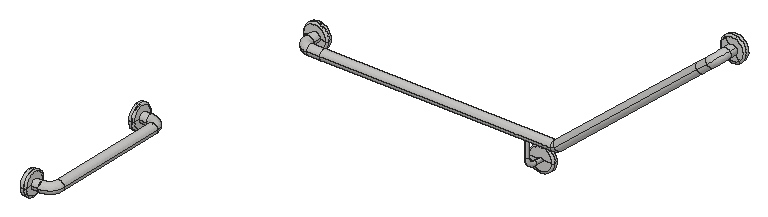
Revit family "rba-bim-rba4040-345", category Plumbing Fixtures, Revit 2016
Family settings
  Part Type = Normal
  Round Connector Dimension = Use Diameter
  Work Plane-Based = No
  Always vertical = Yes
  Cut with Voids When Loaded = No
  Shared = No
  Room Calculation Point = No
Parameters (values of type "RBA4040-345")
  Watermarked By = "www.rba.com.au"
  URL = "http://www.rba.com.au/accessible-disabled/grab-rails"
  Phone Number = "1300 788 778"
  OFFSET [instance] = 800 mm
  Modified Issue = "20190806.01"
  Model = "RBA4040-345"
  Materials and Finishes = Stainless Steel, Satin Finish
  Manufacturer = "RBA Group"
  Lgth = 900 mm
  Distance Away from Wall [instance] = 100 mm
  Distance Away from Toilet [instance] = 1090 mm
  Diameter = 32 mm
  Description = "40° WC Grab Rail - Left Hand, 450 Straight"
  Copyrighted by = "RBA Group"  # constant formula
Reference planes
  plane 1 "Center (Front/Back)": y = 0
  plane 2: z = 0
  plane 3 "Center (Left/Right)": x = 0
  plane 4: z = 800
  plane 5: through (3.288, -1524, 1246.307) normal (-0.766, 0, -0.6428)
  plane 6: x = -1386.005
  plane 7: x = -636.005
  plane 8: x = -536.001
  plane 9: through (-524.958, -1524, 786.839) normal (0.766, 0, 0.6428)
  plane 10: z = 700
  plane 11: through (12.257, -1524, 1260.51) normal (0.6428, 0, -0.766)
  plane 12: x = -1486.005
  plane 13: y = -1090
  plane 14: y = -1074
  plane 15: y = -57
  plane 16: y = -89
  plane 17: x = -1429.005
  plane 18: x = -1397.005
  plane 19: through (22.541, -1524, 1248.253) normal (0.6428, 0, -0.766)
  plane 20: z = 1250.225
Dimensions and locks
  "OFFSET": plane 4 to level
  plane 7 to nested 1 = 750 mm
  plane 6 to plane 8 = 850.004 mm
  plane 5 to plane 9 = 700 mm
  plane 4 to plane 10 = 100 mm
  plane 7 to plane 8 = 100.004 mm
  locked: plane 14 to plane 13 at 16
  "Distance Away from Toilet": plane 13 to plane 1 "Center (Front/Back)"
  "Distance Away from Wall": plane 12 to plane 6
  angle plane 4 to plane 11 = 40.00°
  aligned and locked: level to plane 2
  aligned and locked: plane 4 to nested 1
  aligned and locked: nested 1 to plane 3 "Center (Left/Right)"
  aligned and locked: nested 2 to plane 12
  aligned and locked: plane 4 to nested 2
  aligned and locked: plane 14 to nested 2
Nested families
  nested 1: "rba-bim-rba4040-800" at (-1426.255, 0, 800), type "RBA4040-800"
  nested 2: "rba-bim-rba4000-000" at (-1486.005, -624, 422) x (0, 0, 1) z (0, -1, 0), type "RBA4000-045"
    with Length of Rail 450 mm
Definition of nested family "rba-bim-rba4040-800"
  Parameters (values of type "RBA4040-300")
    Watermarked By = "www.rba.com.au"
    URL = "http://www.rba.com.au/accessible-disabled/grab-rails"
    R_Void [instance] = 15 mm
    R [instance] = 0 mm
    Phone Number = "1300 788 778"
    Model = "RBA4040-300"
    Manufacturer Model = ""
    Manufacturer = "RBA Group"
    Description = "45° WC Grab Rail"
    Copyrighted by = "RBA Group"  # constant formula
    BAR = none
    Assembly Code = ""
  Reference planes
    plane 1 "Center (Front/Back)": y = 0
    plane 2: z = 0
    plane 3: x = 40.25
    plane 4: z = -30
    plane 5: z = 30
    plane 6: x = 70.25
    plane 7: x = 10.25
    plane 8: x = 890.254
    plane 9: x = 515.5
    plane 10: through (1491.039, 25.441, 326.048) normal (-0.766, 0, -0.6428)
    plane 11: through (1544.803, 25.441, 355.319) normal (-0.766, 0, -0.6428)
    plane 12: through (1483.101, 25.441, 537.296) normal (0.6428, 0, -0.766)
    plane 13: through (1521.668, 25.441, 491.334) normal (0.6428, 0, -0.766)
    plane 14: z = -130
    plane 15: z = -70
    plane 16: x = 820
    plane 17: x = 760
    plane 18: x = 790.25
    plane 19: z = -100
    plane 20: through (890.5, -4572, -0.294) normal (-0.766, 0, -0.6428)
    plane 21: through (1426.731, -4572, 449.658) normal (-0.766, 0, -0.6428)
    plane 22: x = 1426.255
    plane 23: z = 450.225
  Forms (mm)
    Extrusion 1, solid
      sketch origin (40.25, -2.628, 315.907) x (0, 0, -1) y (-1, 0, 0)
        loop
          circle (315.907, 0) r 40
      from -0.219 to 2.628
    Revolve 2, solid
      sketch origin (40.25, 18.663, 0) x (0, -1, 0) y (1, 0, 0)
        loop
          line (18.663, 0) -> (18.663, -41.5) -> (27.844, -41.5)
          arc (27.844, -41.5) -> (31.337, -40.077) -> (32.842, -36.617) r 5
          line (32.842, -36.617) -> (33.701, 0) -> (18.663, 0)
        axis (18.663, 0) -> (33.701, 0)
      angle from 0 to 360
    Extrusion 3, void
      sketch origin (40.25, 34.941, 315.907) x (0, 0, -1) y (-1, 0, 0)
        loop
          circle (315.907, -30) r 5
        loop
          circle (315.907, 30) r 5
      from -37.788 to -30
    Sweep 4, solid
      path origin (40.25, 9.454, 0) x (0, -1, 0) y (-1, 0, 0)
        loop
          line (12.302, 0) -> (50.454, 0)
          arc (50.454, 0) -> (73.082, -9.373) -> (82.454, -32) r 32
          line (82.454, -32) -> (82.454, -76)
      profile origin (40.25, -21.924, 0) x (1, 0, 0) y (0, 0, 1)
        loop
          circle (0, 0) r 16
    Extrusion 5, solid
      sketch origin (1668.254, -2.628, 653.286) x (-0.766044, 0, -0.642788) y (-0.642788, 0, 0.766044)
        loop
          circle (315.907, 0) r 40
      from -0.219 to 2.628
    Extrusion 6, void
      sketch origin (1668.004, 34.941, 653.286) x (-0.766044, 0, -0.642788) y (-0.642788, 0, 0.766044)
        loop
          circle (315.907, 30) r 5
        loop
          circle (315.907, -30) r 5
      from -37.788 to -30
    Sweep 7, solid
      path origin (1876.206, 9.454, -86.006) x (0, -1, 0) y (0.766044, 0, 0.642788)
        loop
          line (12.302, 0) -> (50.454, 0)
          arc (50.454, 0) -> (73.082, -9.373) -> (82.454, -32) r 32
          line (82.454, -32) -> (82.454, -76)
      profile origin (1876.206, -21.924, -86.006) x (0.766044, 0, 0.642788) y (-0.642788, 0, 0.766044)
        loop
          circle (0, 700) r 16
    Revolve 8, solid
      sketch origin (1426.255, 18.663, 450.225) x (0, -1, 0) y (0.642788, 0, -0.766044)
        loop
          line (18.663, 0) -> (33.701, 0) -> (32.842, 36.617)
          arc (32.842, 36.617) -> (31.337, 40.077) -> (27.844, 41.5) r 5
          line (27.844, 41.5) -> (18.663, 41.5) -> (18.663, 0)
        axis (18.663, 0) -> (33.701, 0)
      angle from 0 to 360
    Sweep 9, solid
      path origin (0, 0, 0) x (1, 0, 0) y (0, 0, 1)
        loop
          line (116.25, 0) -> (882.418, 0)
          arc (882.418, 0) -> (889.258, 1.206) -> (895.274, 4.679) r 20
          line (895.274, 4.679) -> (1368.036, 401.373)
      profile origin (499.334, 0, 0) x (0, 0, 1) y (0, -1, 0)
        loop
          circle (0, 73) r 16
    Extrusion 10, solid
      sketch origin (790.25, -2.628, 215.907) x (0, 0, -1) y (-1, 0, 0)
        loop
          circle (315.907, 0) r 40
      from -0.219 to 2.628
    Revolve 11, solid
      sketch origin (790.25, 18.663, -100) x (0, -1, 0) y (1, 0, 0)
        loop
          line (18.663, 0) -> (18.663, -41.5) -> (27.844, -41.5)
          arc (27.844, -41.5) -> (31.337, -40.077) -> (32.842, -36.617) r 5
          line (32.842, -36.617) -> (33.701, 0) -> (18.663, 0)
        axis (18.663, 0) -> (33.701, 0)
      angle from 0 to 360
    Sweep 12, solid
      path origin (790.25, 9.454, -100) x (0, -1, 0) y (0, 0, -1)
        loop
          line (12.302, 0) -> (50.454, 0)
          arc (50.454, 0) -> (73.082, -9.373) -> (82.454, -32) r 32
          line (82.454, -32) -> (82.454, -100)
      profile origin (790.25, -21.924, -100) x (0, 0, -1) y (1, 0, 0)
        loop
          circle (0, 0) r 6
    Extrusion 13, void
      sketch origin (790, 34.941, 215.907) x (0, 0, -1) y (-1, 0, 0)
        loop
          circle (315.907, -30) r 5
        loop
          circle (315.907, 30) r 5
      from -37.788 to -30
  Cuts and joins
    Extrusion 3, Extrusion 6, Extrusion 13 cuts Extrusion 1
    Extrusion 3, Extrusion 6, Extrusion 13 cuts Revolve 2
    Extrusion 13 cuts Sweep 4
    Extrusion 6 cuts Revolve 8
    Extrusion 13 cuts Revolve 11
    joined: Revolve 2, Sweep 4, Sweep 7, Revolve 8, Sweep 9, Revolve 11, Sweep 12
    Extrusion 6 cuts Extrusion 5
    Extrusion 13 cuts Extrusion 10
  Dimensions and locks
    Revolve 2 sketch curve to Revolve 2 sketch curve = 41.5 mm
    plane 5 to level to plane 4 = 30 mm, 30 mm
    plane 7 to plane 6 = 60 mm
    plane 11 to plane 10 = 60 mm
    plane 12 to plane 13 = 60 mm
    Revolve 8 sketch curve to Revolve 8 sketch curve = 41.5 mm
    Revolve 11 sketch curve to Revolve 11 sketch curve = 41.5 mm
    plane 15 to plane 14 = 60 mm
    plane 17 to plane 16 = 60 mm
    level to plane 19 = 100 mm
    plane 8 to plane 18 = 100.004 mm
    plane 8 to plane 3 = 850.004 mm
    plane 20 to plane 21 = 700 mm
    radius of Extrusion 1 sketch curve = 40 mm
    radius of Sweep 4 sketch curve = 16 mm
    radius of Extrusion 5 sketch curve = 40 mm
    radius of Sweep 7 sketch curve = 16 mm
    radius of Extrusion 10 sketch curve = 40 mm
    radius of Sweep 12 sketch curve = 6 mm
    aligned and locked: Revolve 2 to Extrusion 1
    aligned and locked: Revolve 11 to Extrusion 10
Definition of nested family "rba-bim-rba4000-000"
  Parameters (values of type "RBA4000-045")
    Watermarked By = "www.rba.com.au"
    URL = "http://www.rba.com.au/accessible-disabled/grab-rails"
    Length of Rail [instance] = 1000 mm
    Phone Number = "1300 788 778"
    Model = "RBA4110-923"
    Manufacturer = "RBA GROUP"
    Description = "90deg Angled Shower Grab Rail"
    Default Elevation = 1219.2 mm
    Copyrighted By = "RBA Group"  # constant formula
    BAR = none
    Assembly Code = ""
  Reference planes
    plane 1 "Center (Front/Back)": y = 0
    plane 2: z = 0
    plane 3: z = 1000
    plane 4: x = 378
    plane 5: through (429.059, 25.441, -143.224) normal (-0.8572, 0, -0.515)
    plane 6: through (278.371, 25.441, -27.78) normal (-0.515, 0, 0.8572)
    plane 7: through (306.699, 25.441, -74.925) normal (-0.515, 0, 0.8572)
    plane 8: through (429.059, 25.441, 956.776) normal (-0.8572, 0, -0.515)
    plane 9: through (278.371, 25.441, 1072.22) normal (-0.515, 0, 0.8572)
    plane 10: through (306.699, 25.441, 1025.075) normal (-0.515, 0, 0.8572)
    plane 11: y = -89
    plane 12: y = -57
  Forms (mm)
    Sweep 1, solid
      path origin (378, -752, 1273.954) x (0, 0, -1) y (0, -1, 0)
        loop
          line (1273.954, -742) -> (1273.954, -711)
          arc (1273.954, -711) -> (1264.582, -688.373) -> (1241.954, -679) r 32
          line (1241.954, -679) -> (305.954, -679)
          arc (305.954, -679) -> (283.327, -688.373) -> (273.954, -711) r 32
          line (273.954, -711) -> (273.954, -742)
      profile origin (378, -73, 500) x (0, 1, 0) y (-1, 0, 0)
        loop
          circle (0, 0) r 16
    Extrusion 2, solid
      sketch origin (62.093, -2.628, 262.5) x (1, 0, 0) y (0, 0, -1)
        loop
          circle (315.907, 262.5) r 37.5
      from -7.372 to 2.628
    Revolve 3, solid
      sketch origin (378, 18.663, 262.5) x (0, -1, 0) y (0, 0, 1)
        loop
          line (18.663, -262.5) -> (33.701, -262.5) -> (32.901, -228.383)
          arc (32.901, -228.383) -> (31.396, -224.923) -> (27.902, -223.5) r 5
          line (27.902, -223.5) -> (18.663, -223.5) -> (18.663, -262.5)
        axis (18.663, -262.5) -> (33.701, -262.5)
      angle from 0 to 360
    Extrusion 4, void
      sketch origin (107.215, 34.941, -162.704) x (0.857167, 0, 0.515038) y (0.515038, 0, -0.857167)
        loop
          circle (315.907, -27.5) r 5
        loop
          circle (315.907, 27.5) r 5
      from -46.533 to -34.941
    Extrusion 5, solid
      sketch origin (62.093, -2.628, 937.5) x (1, 0, 0) y (0, 0, -1)
        loop
          circle (315.907, -62.5) r 37.5
      from -7.372 to 2.628
    Revolve 6, solid
      sketch origin (378, 18.663, 937.5) x (0, -1, 0) y (0, 0, 1)
        loop
          line (18.663, 62.5) -> (36.046, 62.5) -> (35.246, 96.617)
          arc (35.246, 96.617) -> (33.742, 100.077) -> (30.248, 101.5) r 5
          line (30.248, 101.5) -> (18.663, 101.5) -> (18.663, 62.5)
        axis (18.663, 62.5) -> (36.046, 62.5)
      angle from 0 to 360
    Extrusion 7, void
      sketch origin (107.215, 34.941, 937.296) x (0.857167, 0, 0.515038) y (0.515038, 0, -0.857167)
        loop
          circle (264.403, 58.217) r 5
        loop
          circle (264.403, 113.217) r 5
      from -44.941 to -34.941
    Extrusion 8, void
      sketch origin (-1037.907, 0, 600) x (-1, 0, 0) y (0, 0, -1)
        loop
          circle (-1430.457, -424.215) r 5
        loop
          circle (-1401.357, -375.785) r 5
        loop
          circle (-1444.157, -400) r 5
      from 0 to 5
    Extrusion 9, void
      sketch origin (-1037.907, 0, 437.5) x (-1, 0, 0) y (0, 0, -1)
        loop
          circle (-1430.457, 413.285) r 5
        loop
          circle (-1444.157, 437.5) r 5
        loop
          circle (-1401.357, 461.715) r 5
      from 0 to 5
  Cuts and joins
    Extrusion 4, Extrusion 9 cuts Extrusion 2
    Extrusion 7, Extrusion 8 cuts Extrusion 5
    Extrusion 4, Extrusion 9 cuts Revolve 3
    Extrusion 7, Extrusion 8 cuts Revolve 6
    joined: Sweep 1, Revolve 3, Revolve 6
  Dimensions and locks
    "Length of Rail": plane 3 to level
    locked: Revolve 3 sketch curve to Revolve 3 sketch curve at 39
    plane 7 to plane 6 = 55 mm
    locked: Revolve 6 sketch curve to Revolve 6 sketch curve at 39
    plane 10 to plane 9 = 55 mm
    locked: plane 3 to Extrusion 5 sketch curve
    locked: Extrusion 5 sketch curve to plane 4
    locked: Extrusion 8 sketch curve to plane 3 at 24.215
    locked: Extrusion 8 sketch curve to plane 4 at 14.55
    locked: plane 3 to Extrusion 7 sketch curve at 23.572
    locked: Extrusion 7 sketch curve to plane 4 at 14.164
    plane 1 "Center (Front/Back)" to Revolve 6 sketch curve = 17.383 mm
    locked: Extrusion 2 sketch curve to plane 2
    locked: Extrusion 2 sketch curve to plane 4 at 0
    locked: plane 2 to Extrusion 9 sketch curve at 24.215
    locked: plane 4 to Extrusion 9 sketch curve at 14.55
    locked: plane 2 to Extrusion 4 sketch curve at 23.572
    locked: Extrusion 4 sketch curve to plane 4 at 14.164
    locked: Extrusion 8 sketch curve to plane 3 at 0
    locked: plane 3 to Extrusion 8 sketch curve at 24.215
    locked: Extrusion 8 sketch curve to plane 4 at 28.25
    locked: plane 4 to Extrusion 8 sketch curve at 14.55
    locked: plane 4 to Extrusion 7 sketch curve at 14.164
    locked: Extrusion 7 sketch curve to plane 3 at 23.572
    locked: Revolve 6 sketch curve to plane 3 at 34.117
    plane 1 "Center (Front/Back)" to Revolve 6 sketch curve = 16.583 mm
    locked: plane 1 "Center (Front/Back)" to cut or joined group of Sweep 1, Revolve 3, Extrusion 4, Revolve 6, Extrusion 7, Extrusion 8, Extrusion 9 at 0
    plane 3 to level = 1000 mm
    plane 11 to plane 1 "Center (Front/Back)" = 89 mm
    cut or joined group of Sweep 1, Revolve 3, Extrusion 4, Revolve 6, Extrusion 7, Extrusion 8, Extrusion 9 to plane 11 = 89 mm
    radius of Sweep 1 sketch curve = 16 mm
    aligned and locked: Revolve 3 to Extrusion 2
    aligned and locked: Revolve 6 to Extrusion 5
    aligned and locked: plane 3 to Sweep 1 sketch curve
    aligned and locked: Sweep 1 sketch curve to level
    aligned and locked: Extrusion 2 to Extrusion 4
    aligned and locked: Extrusion 5 to Extrusion 7
    aligned and locked: Extrusion 7 to Sweep 1
    aligned and locked: Revolve 6 sketch curve to plane 3  (x2)
    aligned and locked: plane 1 "Center (Front/Back)" to Revolve 6 sketch curve
    aligned and locked: Revolve 3 sketch curve to plane 2  (x2)
    aligned and locked: plane 1 "Center (Front/Back)" to Revolve 3 sketch curve
  Automatic sketch dimensions
    profile plane to Sweep 1 sketch curve = 0 mm
    Sweep 1 sketch curve to profile plane = 0 mm
    plane 1 "Center (Front/Back)" to Revolve 3 sketch curve = 9.239 mm
    Revolve 3 sketch curve to Revolve 3 sketch curve = 4.999 mm
    Revolve 3 sketch curve to Revolve 3 sketch curve = 15.038 mm
    Revolve 3 sketch curve to Revolve 3 sketch curve = 5 mm
    Revolve 3 sketch curve to plane 1 "Center (Front/Back)" = 21.537 mm
    Revolve 3 sketch curve to Revolve 3 sketch curve = 28.425 mm
    plane 6 to Extrusion 4 sketch curve = 0 mm
    Extrusion 4 sketch curve to plane 5 = 30 mm
    Revolve 6 sketch curve to Revolve 6 sketch curve = 4.999 mm
    Revolve 6 sketch curve to plane 1 "Center (Front/Back)" = 21.537 mm
    Revolve 6 sketch curve to Revolve 6 sketch curve = 26.08 mm
    Extrusion 9 sketch curve to level = 0 mm
    plane 4 to Extrusion 9 sketch curve = 14.55 mm
    Extrusion 9 sketch curve to Extrusion 9 sketch curve = 13.7 mm
    level to Extrusion 9 sketch curve = 24.215 mm
    Sweep 1 sketch curve to plane 3 = 32 mm
    Sweep 1 sketch curve to Sweep 1 sketch curve = 32 mm
    plane 1 "Center (Front/Back)" to Sweep 1 sketch curve = 41 mm
    plane 1 "Center (Front/Back)" to Sweep 1 sketch curve = 10 mm  (x2)
    radius of Extrusion 2 sketch curve = 37.5 mm
    radius of Extrusion 4 sketch curve = 5 mm  (x2)
    radius of Extrusion 5 sketch curve = 37.5 mm
    radius of Extrusion 7 sketch curve = 5 mm  (x2)
    radius of Extrusion 8 sketch curve = 5 mm  (x3)
    radius of Extrusion 9 sketch curve = 5 mm  (x3)
  Nested families
    nested 1: "FamilyID" at (1.5, 0, 0), type "FamilyID"
  Definition of nested family "FamilyID"
    Reference planes
      plane 1: y = 0
      plane 2: x = 0
    Text (mm)
      text "RBA COPYRIGHT" at (0.001, 0.001, 0)
